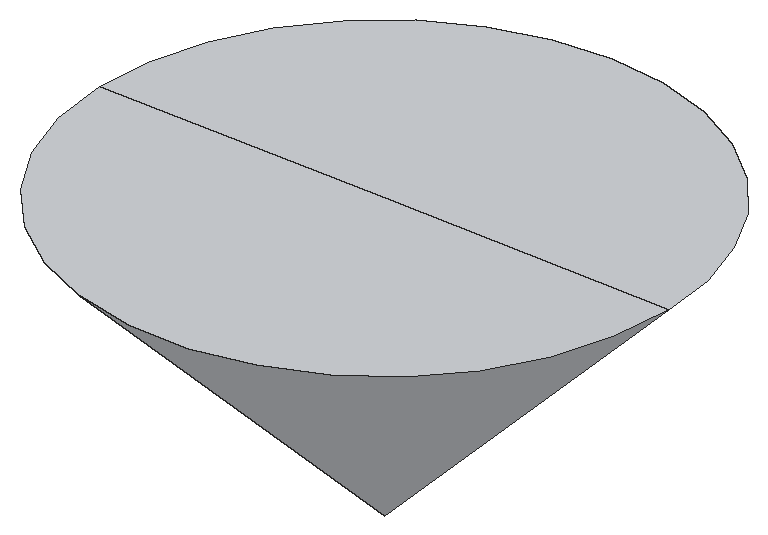
Revit family "SphereFamily", category Generic Models, Revit 2024
Family settings
  Can host rebar = Yes
  Round Connector Dimension = Use Diameter
  Part Type = Normal
  Work Plane-Based = No
  Always vertical = Yes
  Cut with Voids When Loaded = No
  Maintain Annotation Orientation = No
  Shared = Yes
  Room Calculation Point = No
Parameters
  Default Elevation = 0 mm
Reference planes
  plane 1 "Center (Front/Back)": y = 0
  plane 2: z = 0
  plane 3 "Center (Left/Right)": x = 0
Forms (mm)
  Revolve 1, solid
    sketch origin (0, 0.729, -0.729) x (1, 0, 0) y (0, 0, -1)
      loop
        line (0, 0) -> (0, -200) -> (200, -200) -> (0, 0)
      axis (0, -200) -> (0, 0)
    angle from 0 to 360
Lines and regions (mm)
  model lines
    curve 1: line (0, 0, 0) -> (0, 400, 0)
    curve 2: line (0, 0, 0) -> (400, 0, 0)
Dimensions and locks
  aligned and locked: level to plane 2
